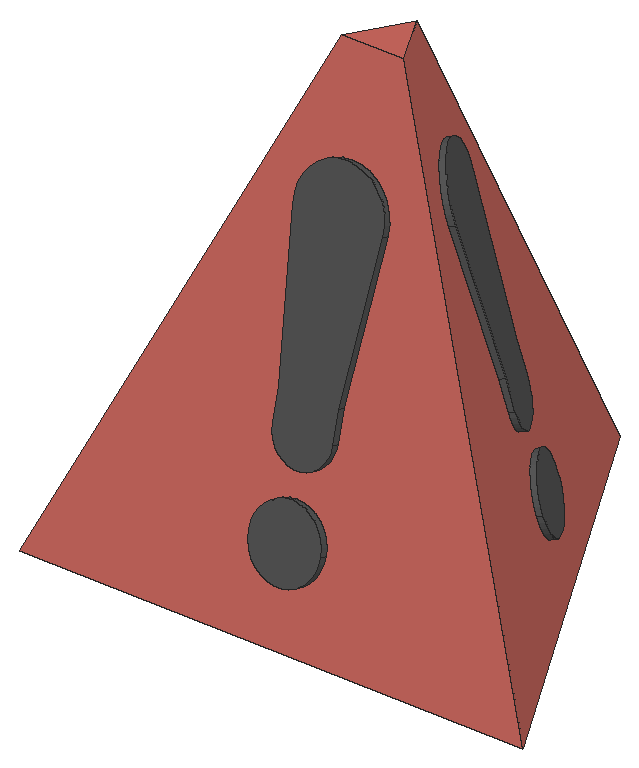
Revit family "Risk-Health", category Generic Models, Revit 2020
Family settings
  Can host rebar = No
  Round Connector Dimension = Use Diameter
  Part Type = Normal
  Work Plane-Based = No
  Always vertical = Yes
  Cut with Voids When Loaded = No
  Shared = No
  Room Calculation Point = Yes
Parameters
  Who is Likely to be Harmed [instance] = ""
  RiskBlock = Laminate, Red, Matte
  Risk Number [instance] = 0
  Risk Management Action Required [instance] = ""
  PD to include in Pre-Construct Info? [instance] = yes
  PD to include in Health and Safety File? [instance] = yes
  List Possible Hazards [instance] = ""
  Is the Risk Acceptable? [instance] = yes
  Exclamation = Laminate, Black
  Element of Design [instance] = ""
  Drawing/Spec. Reference [instance] = ""
  Default Elevation = 0 mm
  Date Risk or Hazard Removed & By Whom [instance] = ""
  Action Required By Who and By When [instance] = ""
Reference planes
  plane 1 "Center (Front/Back)": y = 0
  plane 2: z = 0
  plane 3 "Center (Left/Right)": x = 0
  plane 4 "Top": z = 800
Forms (mm)
  Extrusion 1, solid, material "Laminate, Black" <- "Exclamation"
    sketch origin (212.783, -257.679, -63.357) x (1, 0, 0) y (0, 0.254936, 0.966958)
      loop
        circle (-211.695, 212.66) r 60
      loop
        arc (-262.719, 362.315) -> (-212.378, 312.658) -> (-162.721, 362.999) r 50
        line (-162.721, 362.999) -> (-163.063, 412.997) -> (-140.104, 655.583)
        arc (-140.104, 655.583) -> (-215.283, 737.648) -> (-289.333, 654.563) r 75
        line (-289.333, 654.563) -> (-263.06, 412.314) -> (-262.719, 362.315)
    from 0 to 10
  Extrusion 2, solid, material "Laminate, Black" <- "Exclamation"
    sketch origin (222.945, 127.243, -62.445) x (-0.5, 0.866025, 0) y (-0.220211, -0.127139, 0.967131)
      loop
        circle (1.287, 211.098) r 60
      loop
        line (51.287, 361.098) -> (51.287, 411.098) -> (75.904, 653.521)
        arc (75.904, 653.521) -> (1.287, 736.098) -> (-73.329, 653.521) r 75
        line (-73.329, 653.521) -> (-48.713, 411.098) -> (-48.713, 361.098)
        arc (-48.713, 361.098) -> (1.287, 311.098) -> (51.287, 361.098) r 50
    from 0 to 10
  Extrusion 3, solid, material "Laminate, Black" <- "Exclamation"
    sketch origin (-216.457, 134.846, -61.837) x (-0.5, -0.866025, 0) y (0.218654, -0.12624, 0.967602)
      loop
        line (-75.018, 652.702) -> (-50.401, 410.278) -> (-50.401, 360.278)
        arc (-50.401, 360.278) -> (-0.401, 310.278) -> (49.599, 360.278) r 50
        line (49.599, 360.278) -> (49.599, 410.278) -> (74.215, 652.702)
        arc (74.215, 652.702) -> (-0.401, 735.278) -> (-75.018, 652.702) r 75
      loop
        circle (-0.401, 210.278) r 60
    from 10 to 0
  Blend 4, solid, material "Laminate, Red, Matte" <- "RiskBlock"
    base sketch origin (0, 0, 0) x (1, 0, 0) y (0, 1, 0)
      loop
        line (0.886, 479.025) -> (-414.806, -240.975) -> (416.578, -240.975) -> (0.886, 479.025)
    top sketch origin (0, 0, 0) x (1, 0, 0) y (0, 1, 0)
      loop
        line (-0.032, 59.943) -> (-51.993, -30.057) -> (51.93, -30.057) -> (-0.032, 59.943)
    from 0 to 800
Dimensions and locks
  plane 4 "Top" to plane 2 = 800 mm
  aligned and locked: level to plane 2
  aligned and locked: Extrusion 2 to Blend 4
Nested families
  nested 1: "RiskSymbol-Health" at (-0.962, 0, 0), type "RiskSymbol-Health"
Definition of nested family "RiskSymbol-Health"
  Reference planes
    plane 1: y = 0
    plane 2: x = 0
  Lines and regions (mm)
    Filled region 1, type "Red Fill"
      outline origin (0, 0, 0) x (1, 0, 0) y (0, 1, 0)
        loop
          line (-0.701, -6.338) -> (0, -6.711) -> (0.701, -6.338)
          arc (0.701, -6.338) -> (1.063, -6.14) -> (1.419, -5.932) r 15.911
          arc (1.419, -5.932) -> (0.616, -5.196) -> (0.695, -4.109) r 1.25
          line (0.695, -4.109) -> (3.012, -0.095)
          arc (3.012, -0.095) -> (4.084, 0.524) -> (5.156, -0.095) r 1.238
          line (5.156, -0.095) -> (6.072, -1.681)
          arc (6.072, -1.681) -> (6.429, -1.171) -> (6.767, -0.647) r 15.911
          arc (6.767, -0.647) -> (7.497, 1.83) -> (6.869, 4.334) r 4.908
          arc (6.869, 4.334) -> (4.447, 6.238) -> (1.389, 5.872) r 4.025
          arc (1.389, 5.872) -> (0.626, 5.327) -> (0, 4.629) r 4.303
          arc (0, 4.629) -> (-0.626, 5.327) -> (-1.389, 5.872) r 4.303
          arc (-1.389, 5.872) -> (-4.447, 6.238) -> (-6.869, 4.334) r 4.025
          arc (-6.869, 4.334) -> (-7.497, 1.83) -> (-6.767, -0.647) r 4.908
          arc (-6.767, -0.647) -> (-4.112, -3.896) -> (-0.701, -6.338) r 15.911
        loop
          arc (1.158, -4.355) -> (1.158, -5.105) -> (1.808, -5.48) r 0.75
          line (1.808, -5.48) -> (6.361, -5.48)
          arc (6.361, -5.48) -> (7.01, -5.105) -> (7.01, -4.355) r 0.75
          line (7.01, -4.355) -> (4.734, -0.412)
          arc (4.734, -0.412) -> (4.084, -0.037) -> (3.435, -0.412) r 0.75
          line (3.435, -0.412) -> (1.158, -4.355)
        loop
          line (3.469, -1.56) -> (3.684, -3.96) -> (4.484, -3.96) -> (4.702, -1.56) -> (3.469, -1.56)
        loop
          line (4.567, -5.06) -> (4.567, -4.205) -> (3.6, -4.205) -> (3.6, -5.06) -> (4.567, -5.06)
  Text (mm)
    text "Risk: Health" at (0.154, -10.216, 0)
